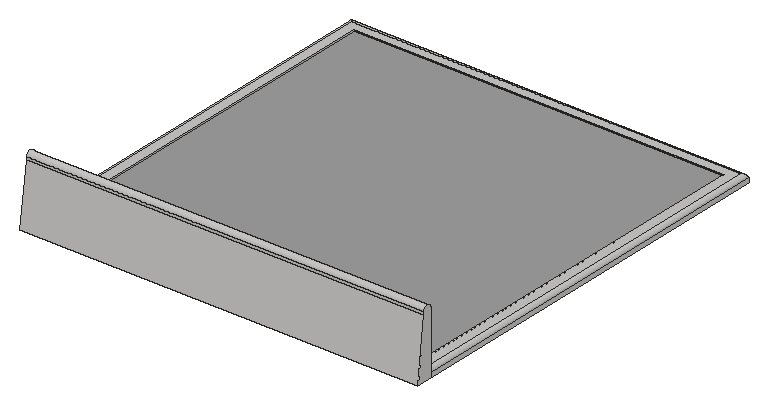
Revit family
Parameters
  offset [instance] = 0' - 0"
  Warranty Duration (Years) = 0
  Unit Width = 3' - 0"
  Unit Height = 3' - 0"
  Unit Depth = 0' - 6"
  URL = "http://www.americanspecialties.com/viewCategories.cfm"
  Surface Material = Mirror - Tempered Glass
  Strap Spacing = 1' - 6"
  Specification = "http://www.arcat.com/sdspecs/htm/10810asi.htm"
  SpecWizard = ""
  Send Message = "http://www.arcat.com/users.pl?action=UserEmail&company=American%20Specialties,%20Inc.&coid=30448&rep=139&fax=914-476-0688&mf="
  Sales Information = "http://www.americanspecialties.com/contact"
  Revision = "R1_8-2011"
  Product Properties = "http://www.americanspecialties.com/datasheets/20655.pdf"
  Product Data = "http://www.arcat.com/arcatcos/cos30/arc30448.html"
  Model = "As Specified in 10 28 13"
  Manufacturer Website = "http://www.americanspecialties.com/viewCategories.cfm"
  Manufacturer Phone - Toll Free = ""
  Manufacturer Phone = "914-476-9000 "
  Manufacturer Fax = "914-476-0688"
  Manufacturer Address = "441 Saw Mill River Rd., Yonkers, NY 10701"
  Manufacturer = "American Specialties, Inc."
  Maintenance Schedule (Months) = 0
  Keynote = "10 28 13"
  Installation-Fabrication = "http://www.americanspecialties.com/products.cfm"
  Installation Phase = ""
  Green Building-LEED = "http://www.arcat.com/green/clients/leed_data_30448.html"
  Expected Lifespan (Years) = 0
  Drawn By = "Sumex Design, Inc. / Robert S. Weygant, CSI, CDT, SCIP"
  Description = "Toilet Accessory as Specified in 10 28 13"
  Default Elevation = 4' - 0"
  Copyright = "©Arcat Inc."
  Construction Details = "http://www.americanspecialties.com/products.cfm"
  Body Material = Metal - Satin Stainless Steel
  Assembly Code = "C1030210"
Reference planes (in)
  plane 1 "Center (Front/Back)": y = 0
  plane 2 "Mount Surface": z = 0
  plane 3 "Center (Left/Right)": x = 0
  plane 4 "Bottom Edge": y = -0.75
  plane 5 "Shelf Surface": y = 0.75
  plane 6 "Left": x = -18
  plane 7 "Right": x = 18
  plane 8 "Front": z = 6
  plane 9: y = 36.75
  plane 10 "Mount L": x = -9
  plane 11 "Mount R": x = 9
  plane 12: z = 0.75
Forms (in)
  Extrusion 1, solid, material "Metal - Satin Stainless Steel" <- "Body Material"
    sketch origin (0, 0, 0) x (0, 1, 0) y (0, 0, 1)
      loop
        line (0.75, 0) -> (0.75, 5.625)
        arc (0.75, 5.625) -> (0.375, 6) -> (0, 5.625) r 0.375
        line (0, 5.625) -> (0, 5.375) -> (-0.75, 0) -> (0.75, 0)
    from -18 to 18
  Sweep 2, solid, material "Metal - Satin Stainless Steel" <- "Body Material"
    path origin (0, 0, 0) x (1, 0, 0) y (0, 1, 0)
      loop
        line (-18, 0.75) -> (-18, 36.75) -> (18, 36.75) -> (18, 0.75)
    profile origin (0, 36.75, 0) x (0, 1, 0) y (0, 0, 1)
      loop
        line (0, 0) -> (0, 0.375)
        arc (0, 0.375) -> (-0.109835, 0.640165) -> (-0.375, 0.75) r 0.375
        line (-0.375, 0.75) -> (-1.25, 0.75) -> (-1.25, 0) -> (0, 0)
  Extrusion 3, solid, material "Metal - Satin Stainless Steel" <- "Body Material"
    sketch origin (0, 0, 0) x (1, 0, 0) y (0, 1, 0)
      loop
        line (-16.75, 35.5) -> (-16.75, 2) -> (16.75, 2) -> (16.75, 35.5) -> (-16.75, 35.5)
    from 0 to 0.4375
  Extrusion 4, solid, material "Mirror - Tempered Glass" <- "Surface Material"
    sketch origin (0, 0, 0) x (1, 0, 0) y (0, 1, 0)
      loop
        line (-16.75, 35.5) -> (-16.75, 2) -> (16.75, 2) -> (16.75, 35.5) -> (-16.75, 35.5)
    from 0.4375 to 0.6875
  Extrusion 5, solid, material "Metal - Satin Stainless Steel" <- "Body Material"
    sketch origin (0, 0, 0) x (0, 1, 0) y (0, 0, 1)
      loop
        line (0.75, 0) -> (2, 0) -> (2, 0.75) -> (0.75, 0.75) -> (0.75, 0)
    from -16.75 to 16.75
Cuts and joins
  joined: Sweep 2, Extrusion 3, Extrusion 5
Dimensions and locks (in)
  "Unit Width": plane 6 "Left" to plane 7 "Right"
  equal spacing: plane 6 "Left", plane 3 "Center (Left/Right)", plane 7 "Right"
  locked: plane 5 "Shelf Surface" to plane 4 "Bottom Edge" at 1.5
  equal spacing: plane 5 "Shelf Surface", plane 1 "Center (Front/Back)", plane 4 "Bottom Edge"
  "Unit Depth": plane 8 "Front" to level
  locked: plane 8 "Front" to Extrusion 1 sketch curve at 0.375
  locked: plane 8 "Front" to Extrusion 1 sketch curve at 0.625
  "Unit Height": plane 9 to plane 5 "Shelf Surface"
  equal spacing: plane 10 "Mount L", plane 3 "Center (Left/Right)", plane 11 "Mount R", locked at 9 each
  locked: Sweep 2 sketch curve to plane 9 at 1.25
  locked: Extrusion 3 to level at 0.4375
  locked: Extrusion 4 to level at 0.6875
  locked: plane 5 "Shelf Surface" to Extrusion 5 sketch curve at 1.25
  locked: plane 12 to level at 0.75
  locked: Extrusion 3 sketch curve to plane 5 "Shelf Surface" at 1.25
  locked: Extrusion 4 sketch curve to plane 5 "Shelf Surface" at 1.25
  "Strap Spacing": plane 10 "Mount L" to plane 11 "Mount R"
  aligned and locked: plane 5 "Shelf Surface" to Extrusion 1 sketch curve
  aligned and locked: level to Extrusion 1 sketch curve
  aligned and locked: plane 1 "Center (Front/Back)" to Extrusion 1 sketch curve
  aligned and locked: Extrusion 1 to plane 6 "Left"
  aligned and locked: plane 7 "Right" to Extrusion 1
  aligned and locked: Sweep 2 sketch curve to plane 9
  aligned and locked: plane 6 "Left" to Sweep 2 sketch curve
  aligned and locked: Sweep 2 sketch curve to level
  aligned and locked: plane 9 to Sweep 2 sketch curve
  aligned and locked: Extrusion 3 sketch curve to Sweep 2  (x3)
  aligned and locked: Extrusion 4 sketch curve to cut or joined group of Sweep 2, Extrusion 3, Extrusion 5  (x3)
  aligned and locked: Extrusion 4 to cut or joined group of Sweep 2, Extrusion 3, Extrusion 5
  aligned and locked: Sweep 2 sketch curve to plane 5 "Shelf Surface"
  aligned and locked: plane 5 "Shelf Surface" to Sweep 2 sketch curve
  aligned and locked: level to Extrusion 5 sketch curve
  aligned and locked: plane 5 "Shelf Surface" to Extrusion 5 sketch curve
  aligned and locked: plane 12 to Extrusion 5 sketch curve
  aligned and locked: Sweep 2 sketch curve to plane 12
  aligned and locked: Extrusion 5 to cut or joined group of Sweep 2, Extrusion 3, Extrusion 5  (x2)
  aligned and locked: Sweep 2 sketch curve to plane 7 "Right"
Automatic sketch dimensions
  Extrusion 1 sketch curve to plane 4 "Bottom Edge" = 0' - 0"
  level to Sweep 2 sketch curve = 0' - 0 3/8"
